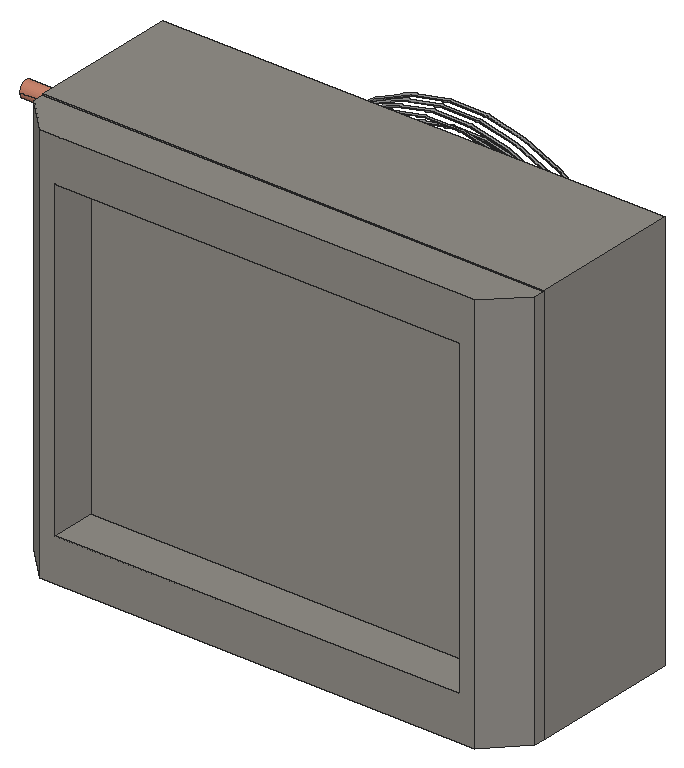
Revit family "ONYX servitude droite", category Modèles génériques, Revit 2019
Family settings
  Peut héberger une armature = Non
  Cote de connecteur circulaire = Utiliser le diamètre
  Type d'élément = Normal
  Numéro OmniClass = 23.75.70.17.34
  Titre OmniClass = Unit Heaters
  Basée sur le plan de construction = Non
  Toujours verticalement = Oui
  Couper avec des vides une fois chargée = Non
  Partagée = Non
  Point de calcul de pièce = Non
Parameters (values of type "NY6_B tri")
  Ø = 34 mm
  console = 106 mm
  Ventilateur = Ventilateur : diam710
  Servitude gauche = no
  Servitude droite = yes
  Puissance = 900 VA
  Option Froid = Option froid : NY608
  Option Eau Glacée [instance] = no
  Option Console pivotante [instance] = no
  Modèle = "ONYX 6B tri"
  Grille = Grille : 606
  Tension = 380 V
  Fabricant = "AIRCALO"  # constant formula
  Equerre inv = Equerre inv : NY612
  Equerre coté = 101.5 mm
  Equerre arriere = 293 mm
  Option Equerre Suspendu [instance] = no
  Option Equerre Posé [instance] = no
  Equerre = Equerre : NY612
  Console pivotante = Console pivotante : NY607
  Base = ONYX base 1.1 : NY6B
Types (19, lengths in mm): name | console | Ventilateur | Puissance | Option Froid | Modèle | Grille | Tension | Equerre inv | Equerre coté | Equerre arriere | Equerre | Console pivotante | Base
  (no name) | 106 | Ventilateur : diam710 | 900 VA | Option froid : NY608 | "ONYX 6B tri" | Grille : 606 | 380 V | Equerre inv : NY612 | 101.5 | 293 | Equerre : NY612 | Console pivotante : NY607 | ONYX base 1.1 : NY6B
  NY2_A mono | 86 | Ventilateur : diam350 | 129 VA | Option froid : NY208 | "ONYX 2A mono" | Grille : 206 | 220 V | Equerre inv : NY212 | 86.5 | 263 | Equerre : NY212 | Console pivotante : NY207 | ONYX base 1.1 : NY2A
  NY3_A mono | 87 | Ventilateur : diam400 | 250 VA | Option froid : NY308 | "ONYX 3A mono" | Grille : 306 | 220 V | Equerre inv : NY212 | 91.5 | 263 | Equerre : NY212 | Console pivotante : NY307 | ONYX base 1.1 : NY3A
  NY4_A mono | 96 | Ventilateur : diam450 | 250 VA | Option froid : NY408 | "ONYX 4A mono" | Grille : 406 | 220 V | Equerre inv : NY212 | 91.5 | 263 | Equerre : NY212 | Console pivotante : NY407 | ONYX base 1.1 : NY4A
  NY5_A mono | 96 | Ventilateur : diam550 | 250 VA | Option froid : NY508 | "ONYX 5A mono" | Grille : 506 | 220 V | Equerre inv : NY612 | 101.5 | 293 | Equerre : NY612 | Console pivotante : NY507 | ONYX base 1.1 : NY5A
  NY6_A mono | 106 | Ventilateur : diam630 | 400 VA | Option froid : NY608 | "ONYX 6A mono" | Grille : 606 | 220 V | Equerre inv : NY612 | 101.5 | 293 | Equerre : NY612 | Console pivotante : NY607 | ONYX base 1.1 : NY6A
  NY2_B mono | 86 | Ventilateur : diam400 | 205 VA | Option froid : NY208 | "ONYX 2B mono" | Grille : 206 | 220 V | Equerre inv : NY212 | 86.5 | 263 | Equerre : NY212 | Console pivotante : NY207 | ONYX base 1.1 : NY2B
  NY3_B mono | 87 | Ventilateur : diam450 | 250 VA | Option froid : NY308 | "ONYX 3B mono" | Grille : 306 | 220 V | Equerre inv : NY212 | 91.5 | 263 | Equerre : NY212 | Console pivotante : NY307 | ONYX base 1.1 : NY3B
  NY4_B mono | 96 | Ventilateur : diam550 | 250 VA | Option froid : NY408 | "ONYX 4B mono" | Grille : 406 | 220 V | Equerre inv : NY212 | 91.5 | 263 | Equerre : NY212 | Console pivotante : NY407 | ONYX base 1.1 : NY4B
  NY5_B mono | 96 | Ventilateur : diam630 | 400 VA | Option froid : NY508 | "ONYX 5B mono" | Grille : 506 | 220 V | Equerre inv : NY612 | 101.5 | 293 | Equerre : NY612 | Console pivotante : NY507 | ONYX base 1.1 : NY5B
  NY6_B tri | 106 | Ventilateur : diam710 | 900 VA | Option froid : NY608 | "ONYX 6B tri" | Grille : 606 | 380 V | Equerre inv : NY612 | 101.5 | 293 | Equerre : NY612 | Console pivotante : NY607 | ONYX base 1.1 : NY6B
  NY2_B tri | 86 | Ventilateur : diam400 | 205 VA | Option froid : NY208 | "ONYX 2B tri" | Grille : 206 | 380 V | Equerre inv : NY212 | 86.5 | 263 | Equerre : NY212 | Console pivotante : NY207 | ONYX base 1.1 : NY2B
  NY3_A tri | 87 | Ventilateur : diam400 | 250 VA | Option froid : NY308 | "ONYX 3A tri" | Grille : 306 | 380 V | Equerre inv : NY212 | 91.5 | 263 | Equerre : NY212 | Console pivotante : NY307 | ONYX base 1.1 : NY3A
  NY3_B tri | 87 | Ventilateur : diam450 | 250 VA | Option froid : NY308 | "ONYX 3B tri" | Grille : 306 | 380 V | Equerre inv : NY212 | 91.5 | 263 | Equerre : NY212 | Console pivotante : NY307 | ONYX base 1.1 : NY3B
  NY4_A tri | 96 | Ventilateur : diam450 | 250 VA | Option froid : NY408 | "ONYX 4A tri" | Grille : 406 | 380 V | Equerre inv : NY212 | 91.5 | 263 | Equerre : NY212 | Console pivotante : NY407 | ONYX base 1.1 : NY4A
  NY4_B tri | 96 | Ventilateur : diam550 | 230 VA | Option froid : NY408 | "ONYX 4B tri" | Grille : 406 | 380 V | Equerre inv : NY212 | 91.5 | 263 | Equerre : NY212 | Console pivotante : NY407 | ONYX base 1.1 : NY4B
  NY5_A tri | 96 | Ventilateur : diam550 | 230 VA | Option froid : NY508 | "ONYX 5A tri" | Grille : 506 | 380 V | Equerre inv : NY612 | 101.5 | 293 | Equerre : NY612 | Console pivotante : NY507 | ONYX base 1.1 : NY5A
  NY5_B tri | 96 | Ventilateur : diam630 | 435 VA | Option froid : NY508 | "ONYX 5B tri" | Grille : 506 | 380 V | Equerre inv : NY612 | 101.5 | 293 | Equerre : NY612 | Console pivotante : NY507 | ONYX base 1.1 : NY5B
  NY6_A tri | 106 | Ventilateur : diam630 | 435 VA | Option froid : NY608 | "ONYX 6A tri" | Grille : 606 | 380 V | Equerre inv : NY612 | 101.5 | 293 | Equerre : NY612 | Console pivotante : NY607 | ONYX base 1.1 : NY6A
Reference planes
  plane 1 "Centre (avant/arrière)": y = 0
  plane 2: z = 0
  plane 3 "Centre (gauche/droite)": x = 0
Dimensions and locks
  "console": nested 4 to nested 1
  "Equerre coté": nested 1 to nested 9
  "Equerre coté": nested 1 to nested 6
  "Equerre coté": nested 8 to nested 1
  "Equerre coté": nested 7 to nested 1
  "Equerre arriere": nested 7 to nested 1
  "Equerre arriere": nested 8 to nested 1
  "Equerre arriere": nested 9 to nested 1
  "Equerre arriere": nested 6 to nested 1
  aligned and locked: level to plane 2
  aligned and locked: plane 1 "Centre (avant/arrière)" to nested 1
  aligned and locked: nested 1 to plane 3 "Centre (gauche/droite)"
  aligned and locked: plane 3 "Centre (gauche/droite)" to nested 2
  aligned and locked: nested 2 to nested 1
  aligned and locked: plane 1 "Centre (avant/arrière)" to nested 2
  aligned and locked: plane 3 "Centre (gauche/droite)" to nested 3
  aligned and locked: nested 3 to nested 1
  aligned and locked: nested 4 to plane 3 "Centre (gauche/droite)"
  aligned and locked: plane 2 to nested 1
  aligned and locked: level to nested 4
  aligned and locked: plane 3 "Centre (gauche/droite)" to nested 5
  aligned and locked: nested 5 to nested 2
  aligned and locked: nested 5 to nested 1
  aligned and locked: nested 9 to nested 1
  aligned and locked: nested 8 to nested 1
  aligned and locked: nested 6 to nested 1
  aligned and locked: nested 7 to nested 1
Nested families
  nested 1: "ONYX base 1.1" at (-535, 0, -428.5), type <- "Base", Servitude Gauche <- "Servitude gauche", Servitude Droite <- "Servitude droite", Øcollecteur <- "Ø", type "NY6B"
    with Servitude Gauche no, Servitude Droite yes
  nested 2: "Grille" at (0, 0, -0.5), type <- "Grille", type "606"
  nested 3: "Ventilateur" at (0, 332, 0) x (0, 1, 0) z (0, 0, 1), type <- "Ventilateur", type "diam710"
  nested 4: "Console pivotante" at (0, 216, -474.25) x (-1, 0, 0) z (0, 0, 1), type <- "Console pivotante", visible <- "Option Console pivotante", type "NY607"
  nested 5: "Option froid" at (0, 80, -428.5), type <- "Option Froid", visible <- "Option Eau Glacée", type "NY608"
  nested 6: "Equerre" at (-406, 29, 428.5), type <- "Equerre", visible <- "Option Equerre Suspendu", type "NY612"
  nested 7: "Equerre" at (406, 29, 428.5), type <- "Equerre", visible <- "Option Equerre Suspendu", type "NY612"
  nested 8: "Equerre inv" at (406, 29, -428.5), type <- "Equerre inv", visible <- "Option Equerre Posé", type "NY612"
  nested 9: "Equerre inv" at (-406, 29, -428.5), type <- "Equerre inv", visible <- "Option Equerre Posé", type "NY612"
Connectors
  electrical at (0, 322, 0), driven by "Tension", driven by "Puissance"
    settings: on nested 3, index 1, voltage 380 V, apparent load 900 VA, apparent load phase1 0 VA, apparent load phase2 0 VA, apparent load phase3 0 VA, power factor 1, load classification "Moteur", number of poles 1, system type 30, power factor state 1, is connector primary yes, connector utility no, sub classification motor no, connector description "Fan Supply"
  piping at (-615, 57, 386.5), diameter 34, driven by "Ø"
    settings: on nested 1, index 2, connector inside diameter 609.6 mm, connector length 0 mm, flow factor 0, pipe flow 0.0 L/s, pressure drop 0.0 Pa, fitting loss kfactor 0, connector angle 0.00°, fixture units 0, engagement length 0 mm, angle of deflection 0.00°, flow configuration 0, flow direction 1, fitting loss method 0, system type 7, joint type 0, gender type 0, connector reference index -1, connector utility 0, adjustable connector no, is connector primary yes, connector description "Water input"
  piping at (-615, 97, -386.5), diameter 34, driven by "Ø"
    settings: on nested 1, index 3, connector inside diameter 609.6 mm, connector length 0 mm, flow factor 0, pipe flow 0.0 L/s, pressure drop 0.0 Pa, fitting loss kfactor 0, connector angle 0.00°, fixture units 0, engagement length 0 mm, angle of deflection 0.00°, flow configuration 0, flow direction 2, fitting loss method 0, system type 8, joint type 0, gender type 0, connector reference index -1, connector utility 0, adjustable connector no, is connector primary no, connector description "Water output"
Definition of nested family "ONYX base 1.1"
  Parameters (values of type "NY3B")
    Øcollecteur [instance] = 34 mm
    distcollecteur = Largeur ONYX / 2 + 80 mm  # 440 mm
    diam = 465 mm
    collecteur2 = 97 mm
    collecteur1 = 57 mm
    collecteur hauteur = 42 mm
    Servitude Gauche [instance] = no
    Servitude Droite [instance] = yes
    Profondeur ONYX = 266 mm
    Largeur/2 = Largeur ONYX / 2  # 360 mm
    Largeur ONYX = 720 mm
    Hauteur/2 = Hauteur ONYX / 2  # 284.5 mm
    Hauteur ONYX = 569 mm
  Types (10, lengths in mm): name | distcollecteur | diam | Profondeur ONYX | Largeur/2 | Largeur ONYX | Hauteur/2 | Hauteur ONYX
    NY2A | 387.5 | 365 | 266 | 307.5 | 615 | 244 | 488
    NY3A | 440 | 415 | 266 | 360 | 720 | 284.5 | 569
    NY4A | 482.5 | 465 | 287 | 402.5 | 805 | 326 | 652
    NY5A | 537.5 | 565 | 296 | 457.5 | 915 | 366.5 | 733
    NY6A | 615 | 645 | 322 | 535 | 1070 | 428.5 | 857
    NY2B | 387.5 | 415 | 266 | 307.5 | 615 | 244 | 488
    NY3B | 440 | 465 | 266 | 360 | 720 | 284.5 | 569
    NY4B | 482.5 | 565 | 287 | 402.5 | 805 | 326 | 652
    NY5B | 537.5 | 645 | 296 | 457.5 | 915 | 366.5 | 733
    NY6B | 615 | 725 | 322 | 535 | 1070 | 428.5 | 857
  Reference planes
    plane 1 "Centre (avant/arrière)": y = 0
    plane 2: z = 0
    plane 3 "Centre (gauche/droite)": x = 0
    plane 4: x = 360
    plane 5: z = 284.5
  Forms (mm)
    Extrusion 1, solid
      sketch origin (0, 0, 0) x (1, 0, 0) y (0, 1, 0)
        loop
          line (0, 0) -> (720, 0) -> (720, 266) -> (0, 266) -> (0, 0)
      from 0 to 569
    Extrusion 2, void
      sketch origin (0, 0, 0) x (1, 0, 0) y (0, 0, 1)
        loop
          circle (360, 284.5) r 232.5
      from -266 to -216
    Extrusion 3, solid, visible <- "Servitude Gauche"
      sketch origin (0, 0, 0) x (0, 1, 0) y (0, 0, 1)
        loop
          circle (57, 42) r 17
        loop
          circle (97, 527) r 17
      from 800 to 720
    Extrusion 4, solid, visible <- "Servitude Droite"
      sketch origin (0, 0, 0) x (0, 1, 0) y (0, 0, 1)
        loop
          circle (57, 527) r 17
        loop
          circle (97, 42) r 17
      from 0 to -80
  Cuts and joins
    Extrusion 2 cuts Extrusion 1
  Dimensions and locks
    "Largeur ONYX": Extrusion 1 sketch curve to Extrusion 1 sketch curve
    "Profondeur ONYX": Extrusion 1 sketch curve to Extrusion 1 sketch curve
    "Hauteur ONYX": Extrusion 1 to Extrusion 1
    "Largeur/2": plane 3 "Centre (gauche/droite)" to plane 4
    "Hauteur/2": plane 5 to level
    locked: cut or joined group of Extrusion 1, Extrusion 2 to cut or joined group of Extrusion 1, Extrusion 2 at 50
    "collecteur1": cut or joined group of Extrusion 1, Extrusion 2 to Extrusion 3 sketch curve
    "collecteur2": cut or joined group of Extrusion 1, Extrusion 2 to Extrusion 3 sketch curve
    "collecteur hauteur": cut or joined group of Extrusion 1, Extrusion 2 to Extrusion 3 sketch curve  (x2)
    "distcollecteur": plane 4 to Extrusion 3
    "collecteur1": plane 1 "Centre (avant/arrière)" to Extrusion 4 sketch curve
    "collecteur2": plane 1 "Centre (avant/arrière)" to Extrusion 4 sketch curve
    "distcollecteur": Extrusion 4 to plane 4
    "collecteur hauteur": Extrusion 4 sketch curve to level
    "collecteur hauteur": cut or joined group of Extrusion 1, Extrusion 2 to Extrusion 4 sketch curve
    "diam": diameter of Extrusion 2 sketch curve
    "Øcollecteur": diameter of Extrusion 3 sketch curve  (x2)
    "Øcollecteur": diameter of Extrusion 4 sketch curve  (x2)
    aligned and locked: level to plane 2
    aligned and locked: plane 1 "Centre (avant/arrière)" to Extrusion 1 sketch curve
    aligned and locked: Extrusion 1 sketch curve to plane 3 "Centre (gauche/droite)"
    aligned and locked: Extrusion 1 to level
    aligned and locked: plane 4 to Extrusion 2 sketch curve
    aligned and locked: plane 5 to Extrusion 2 sketch curve
    aligned and locked: Extrusion 1 to Extrusion 2
    aligned and locked: Extrusion 3 to cut or joined group of Extrusion 1, Extrusion 2
    aligned and locked: plane 3 "Centre (gauche/droite)" to Extrusion 4
Definition of nested family "Grille"
  Parameters (values of type "606")
    ouverture haut bas = 92 mm
    ouverture coté = 103 mm
    longueur angle = 71 mm  # constant formula
    Largeur = 1070 mm
    Hauteur/2 = Hauteur / 2  # 428 mm
    Hauteur = 856 mm
    Epaisseur = 95 mm  # constant formula
  Types (5, lengths in mm): name | ouverture haut bas | ouverture coté | Largeur | Hauteur/2 | Hauteur
    206 | 59 | 107 | 615 | 243.5 | 487
    306 | 69 | 109 | 720 | 284 | 568
    406 | 80 | 107 | 805 | 325.5 | 651
    506 | 91 | 107 | 915 | 366 | 732
    606 | 92 | 103 | 1070 | 428 | 856
  Reference planes
    plane 1 "Centre (avant/arrière)": y = 0
    plane 2: z = 0
    plane 3 "Centre (gauche/droite)": x = 0
  Forms (mm)
    Extrusion 1, solid
      sketch origin (0, 0, 0) x (1, 0, 0) y (0, 1, 0)
        loop
          line (-535, 0) -> (-535, -95) -> (535, -95) -> (535, 0) -> (-535, 0)
      from -428 to 428
    Extrusion 2, void
      sketch origin (0, 0, 0) x (1, 0, 0) y (0, 1, 0)
        loop
          line (-535, -95) -> (-464, -95) -> (-535, -24) -> (-535, -95)
        loop
          line (464, -95) -> (535, -95) -> (535, -24) -> (464, -95)
      from -428 to 428
    Extrusion 3, void
      sketch origin (0, 0, 0) x (1, 0, 0) y (0, 0, 1)
        loop
          line (-432, 336) -> (-432, -336) -> (432, -336) -> (432, 336) -> (-432, 336)
      from 0 to 250
  Cuts and joins
    Extrusion 2, Extrusion 3 cuts Extrusion 1
  Dimensions and locks
    "Epaisseur": Extrusion 1 sketch curve to Extrusion 1 sketch curve
    "Largeur": Extrusion 1 sketch curve to Extrusion 1 sketch curve
    equal spacing: Extrusion 1 sketch curve, plane 3 "Centre (gauche/droite)", Extrusion 1 sketch curve
    "longueur angle": Extrusion 1 to Extrusion 2 sketch curve  (x3)
    "longueur angle": Extrusion 2 sketch curve to Extrusion 1
    "ouverture coté": cut or joined group of Extrusion 1, Extrusion 2, Extrusion 3 to Extrusion 3 sketch curve  (x2)
    "ouverture haut bas": cut or joined group of Extrusion 1, Extrusion 2, Extrusion 3 to Extrusion 3 sketch curve
    "ouverture haut bas": Extrusion 3 sketch curve to cut or joined group of Extrusion 1, Extrusion 2, Extrusion 3
    "Hauteur/2": level to cut or joined group of Extrusion 1, Extrusion 2, Extrusion 3
    "Hauteur/2": cut or joined group of Extrusion 1, Extrusion 2, Extrusion 3 to level
    locked: Extrusion 1 to Extrusion 2 sketch curve (angle 45.00°)
    locked: Extrusion 2 sketch curve to Extrusion 1 (angle 45.00°)
    aligned and locked: level to plane 2
    aligned and locked: Extrusion 2 sketch curve to Extrusion 1  (x3)
    aligned and locked: Extrusion 1 to Extrusion 2 sketch curve
    aligned and locked: Extrusion 2 to Extrusion 1  (x2)
  Automatic sketch dimensions
    plane 1 "Centre (avant/arrière)" to Extrusion 1 sketch curve = 0 mm
Definition of nested family "Ventilateur"
  Parameters (values of type "diam550")
    socle = 126 mm / 2  # 63 mm
    diam16 = demi diamètre / 8  # 36.375 mm
    demi diamètre = 291 mm
    Epaisseur = 99 mm
    Epais6 = Epaisseur / 6  # 16.5 mm
  Types (7, lengths in mm): name | diam16 | demi diamètre | Epaisseur | Epais6
    (no name) | 36.375 | 291 | 99 | 16.5
    diam350 | 23.5 | 188 | 80 | 13.333
    diam400 | 26.625 | 213 | 89 | 14.833
    diam450 | 29.75 | 238 | 89 | 14.833
    diam550 | 36.375 | 291 | 99 | 16.5
    diam630 | 41 | 328 | 99 | 16.5
    diam710 | 48.5 | 388 | 134 | 22.333
  Reference planes
    plane 1 "Centre (avant/arrière)": y = 0
    plane 2: z = 0
    plane 3 "Centre (gauche/droite)": x = 0
    plane 4: y = 291
    plane 5: x = 99
  Forms (mm)
    Revolve 1, solid
      sketch origin (0, 0, 0) x (1, 0, 0) y (0, 1, 0)
        loop
          circle (66, 291) r 2.5
        loop
          circle (33, 291) r 2.5
        loop
          circle (99, 218.25) r 2.5
        loop
          circle (99, 145.5) r 2.5
        loop
          circle (99, 72.75) r 2.5
        loop
          circle (99, 291) r 2.5
        loop
          circle (0, 291) r 2.5
        loop
          circle (16.5, 291) r 2.5
        loop
          circle (49.5, 291) r 2.5
        loop
          circle (82.5, 291) r 2.5
        loop
          circle (99, 254.625) r 2.5
        loop
          circle (99, 181.875) r 2.5
        loop
          circle (99, 109.125) r 2.5
        loop
          circle (99, 36.375) r 2.5
        axis (101.5, 0) -> (-2.5, 0)
      angle from 0 to 360
    Revolve 2, solid
      sketch origin (0, 0, 0) x (1, 0, 0) y (0, 1, 0)
        loop
          line (99, 0) -> (141, 0) -> (141, 63) -> (99, 63) -> (99, 0)
        axis (141, 0) -> (99, 0)
      angle from 0 to 360
    Revolve 3, solid
      sketch origin (0, 0, 0) x (1, 0, 0) y (0, 1, 0)
        loop
          line (0, 0) -> (0, 25) -> (-10, 25) -> (-10, 0) -> (0, 0)
        axis (0, 0) -> (-10, 0)
      angle from 0 to 360
  Dimensions and locks
    "demi diamètre": plane 1 "Centre (avant/arrière)" to plane 4
    "Epaisseur": plane 3 "Centre (gauche/droite)" to plane 5
    "diam16": Revolve 1 sketch curve to Revolve 1 sketch curve  (x7)
    "Epais6": Revolve 1 sketch curve to Revolve 1 sketch curve  (x5)
    "Epaisseur": plane 3 "Centre (gauche/droite)" to Revolve 2 sketch curve
    locked: Revolve 2 sketch curve to Revolve 2 sketch curve at 42
    "socle": Revolve 2 sketch curve to Revolve 2 sketch curve
    locked: Revolve 3 sketch curve to Revolve 3 sketch curve at 10
    locked: Revolve 3 sketch curve to Revolve 3 sketch curve at 25
    diameter of Revolve 1 sketch curve = 5 mm  (x14)
    aligned and locked: level to plane 2
    aligned and locked: plane 4 to Revolve 1 sketch curve  (x7)
    aligned and locked: plane 5 to Revolve 1 sketch curve  (x7)
    aligned and locked: plane 3 "Centre (gauche/droite)" to Revolve 1 sketch curve
    aligned and locked: plane 1 "Centre (avant/arrière)" to Revolve 2 sketch curve
    aligned and locked: Revolve 3 sketch curve to plane 3 "Centre (gauche/droite)"
    aligned and locked: Revolve 3 sketch curve to plane 1 "Centre (avant/arrière)"
  Automatic sketch dimensions
    Revolve 1 sketch curve to plane 1 "Centre (avant/arrière)" = 0 mm
    Revolve 1 sketch curve to plane 5 = 0 mm
    Revolve 1 sketch curve to plane 3 "Centre (gauche/droite)" = 2000 mm
    Revolve 1 sketch curve to plane 5 = 1352.109 mm
    Revolve 2 sketch curve to plane 1 "Centre (avant/arrière)" = 0 mm
    Revolve 2 sketch curve to plane 3 "Centre (gauche/droite)" = 2000 mm
    Revolve 2 sketch curve to Revolve 2 sketch curve = 1869 mm
Definition of nested family "Console pivotante"
  Parameters (values of type "NY607")
    Longueur min = 526 mm
    Longueur max = 570 mm
    Largeur/2 = Largeur / 2  # 91 mm
    Largeur = 182 mm
    Hauteur/2 = Entraxe / 2 + Ep  # 474.25 mm
    Ep = 44 mm
    Entraxe = 860.5 mm
    Bout = 280 mm
  Types (5, lengths in mm): name | Longueur min | Longueur max | Hauteur/2 | Ep | Entraxe | Bout
    NY207 | 287 | 321 | 280 | 34 | 492 | 180
    NY307 | 352 | 386 | 320.25 | 34 | 572.5 | 204
    NY407 | 399 | 443 | 371.75 | 44 | 655.5 | 230
    NY507 | 464 | 508.5 | 412.25 | 44 | 736.5 | 255
    NY607 | 526 | 570 | 474.25 | 44 | 860.5 | 280
  Reference planes
    plane 1 "Centre (avant/arrière)": y = 0
    plane 2: z = 0
    plane 3 "Centre (gauche/droite)": x = 0
    plane 4: z = 474.25
  Forms (mm)
    Extrusion 1, solid
      sketch origin (0, 0, 0) x (0, 1, 0) y (0, 0, 1)
        loop
          line (0, 0) -> (0, 44) -> (-280, 44) -> (-526, 290) -> (-526, 658.5) -> (-280, 904.5) -> (0, 904.5) -> (0, 948.5) -> (-298.225, 948.5) -> (-570, 676.725) -> (-570, 271.775) -> (-298.225, 0) -> (0, 0)
      from -91 to 91
  Dimensions and locks
    "Ep": Extrusion 1 sketch curve to Extrusion 1 sketch curve  (x3)
    "Ep": Extrusion 1 sketch curve to level
    "Entraxe": Extrusion 1 sketch curve to Extrusion 1 sketch curve
    "Longueur min": Extrusion 1 sketch curve to plane 1 "Centre (avant/arrière)"
    "Longueur max": Extrusion 1 sketch curve to plane 1 "Centre (avant/arrière)"
    "Bout": Extrusion 1 sketch curve to plane 1 "Centre (avant/arrière)"  (x2)
    "Largeur/2": plane 3 "Centre (gauche/droite)" to Extrusion 1
    "Largeur/2": Extrusion 1 to plane 3 "Centre (gauche/droite)"
    "Hauteur/2": plane 4 to level
    locked: Extrusion 1 sketch curve to Extrusion 1 sketch curve (angle 135.00°)  (x8)
    aligned and locked: level to plane 2
    aligned and locked: level to Extrusion 1 sketch curve
  Automatic sketch dimensions
    Extrusion 1 sketch curve to plane 1 "Centre (avant/arrière)" = 0 mm  (x2)
Definition of nested family "Option froid"
  Parameters (values of type "NY508")
    Longueur = 707 mm
    Largeur = 947 mm
    Ep = 2 mm
    Cote arriere = 195 mm
  Types (5, lengths in mm): name | Longueur | Largeur | Cote arriere
    NY208 | 659 | 647 | 162
    NY308 | 657 | 752 | 162
    NY408 | 679 | 837 | 182
    NY508 | 707 | 947 | 195
    NY608 | 714 | 1102 | 202
  Reference planes
    plane 1 "Centre (avant/arrière)": y = 0
    plane 2: z = 0
    plane 3 "Centre (gauche/droite)": x = 0
  Forms (mm)
    Extrusion 1, solid
      sketch origin (0, 0, 0) x (1, 0, 0) y (0, 1, 0)
        loop
          line (-473.5, 80) -> (-473.5, -80) -> (473.5, -80) -> (473.5, 80) -> (-473.5, 80)
      from -51 to 0
    Extrusion 2, solid
      sketch origin (0, 100, 0) x (0, 1, 0) y (0, 0, 1)
        loop
          line (-532, -72) -> (-532, -94) -> (175, -143.438) -> (175, -73.438) -> (173, -73.438) -> (173, -141.294) -> (-530, -92.135) -> (-530, -72) -> (-532, -72)
      from -473.5 to 473.5
    Extrusion 3, solid
      sketch origin (0, 0, 0) x (0, 1, 0) y (0, 0, 1)
        loop
          line (-430, -72) -> (-430, -92.135) -> (273, -141.294) -> (273, -73.438) -> (80, -73.438) -> (80, -51) -> (-80, -51) -> (-80, -72) -> (-430, -72)
      from 471.5 to 473.5
    Extrusion 4, solid
      sketch origin (0, 0, 0) x (0, 1, 0) y (0, 0, 1)
        loop
          line (-430, -72) -> (-430, -92.135) -> (273, -141.294) -> (273, -73.438) -> (80, -73.438) -> (80, -51) -> (-80, -51) -> (-80, -72) -> (-430, -72)
      from -473.5 to -471.5
  Dimensions and locks
    equal spacing: Extrusion 1 sketch curve, plane 3 "Centre (gauche/droite)", Extrusion 1 sketch curve
    "Largeur": Extrusion 1 sketch curve to Extrusion 1 sketch curve
    locked: Extrusion 1 sketch curve to Extrusion 1 sketch curve at 160
    equal spacing: Extrusion 1 sketch curve, plane 1 "Centre (avant/arrière)", Extrusion 1 sketch curve
    locked: level to Extrusion 1 at 51
    "Ep": Extrusion 2 sketch curve to Extrusion 2 sketch curve  (x3)
    locked: Extrusion 2 sketch curve to Extrusion 2 sketch curve at 22
    locked: Extrusion 2 sketch curve to Extrusion 2 sketch curve at 70
    "Longueur": Extrusion 2 sketch curve to Extrusion 2 sketch curve
    Extrusion 2 to level = 73.438 mm
    "Cote arriere": Extrusion 1 to Extrusion 2 sketch curve
    locked: level to Extrusion 2 sketch curve at 72
    "Ep": Extrusion 3 to Extrusion 3
    "Ep": Extrusion 2 to Extrusion 4
    locked: Extrusion 2 sketch curve to Extrusion 2 sketch curve (angle 94.00°)  (x2)
    locked: Extrusion 2 sketch curve to Extrusion 2 sketch curve (angle 86.00°)  (x2)
    aligned and locked: level to plane 2
    aligned and locked: level to Extrusion 1
    aligned and locked: Extrusion 2 to Extrusion 1
    aligned and locked: Extrusion 3 sketch curve to Extrusion 2  (x4)
    aligned and locked: Extrusion 2 to Extrusion 3 sketch curve
    aligned and locked: Extrusion 3 sketch curve to Extrusion 1  (x2)
    aligned and locked: Extrusion 1 to Extrusion 3 sketch curve
    aligned and locked: Extrusion 3 to Extrusion 1
    aligned and locked: Extrusion 4 to Extrusion 2
    aligned and locked: Extrusion 1 to Extrusion 2
    aligned and locked: Extrusion 4 sketch curve to Extrusion 3  (x8)
Definition of nested family "Equerre"
  Parameters (values of type "NY612")
    hauteur = 403 mm
    Longueur = 723 mm
    Largeur/2 = Largeur / 2  # 27.5 mm
    Largeur = 55 mm
  Types (2, lengths in mm): name | hauteur | Longueur
    NY212 | 353 | 589
    NY612 | 403 | 723
  Reference planes
    plane 1 "Centre (avant/arrière)": y = 0
    plane 2: z = 0
    plane 3 "Centre (gauche/droite)": x = 0
  Forms (mm)
    Extrusion 1, solid
      sketch origin (0, 0, 0) x (0, 1, 0) y (0, 0, 1)
        loop
          line (0, 22) -> (0, 0) -> (723, 0) -> (723, 403) -> (690, 403) -> (0, 22)
      from -27.5 to 27.5
  Dimensions and locks
    locked: Extrusion 1 sketch curve to level at 22
    locked: Extrusion 1 sketch curve to Extrusion 1 sketch curve at 33
    "Longueur": plane 1 "Centre (avant/arrière)" to Extrusion 1 sketch curve
    "hauteur": Extrusion 1 sketch curve to level
    "Largeur/2": plane 3 "Centre (gauche/droite)" to Extrusion 1
    "Largeur/2": Extrusion 1 to plane 3 "Centre (gauche/droite)"
    aligned and locked: level to plane 2
    aligned and locked: plane 1 "Centre (avant/arrière)" to Extrusion 1 sketch curve
    aligned and locked: Extrusion 1 sketch curve to level
Definition of nested family "Equerre inv"
  Parameters (values of type "NY612")
    hauteur = 403 mm
    Longueur = 723 mm
    Largeur/2 = Largeur / 2  # 27.5 mm
    Largeur = 55 mm
  Types (2, lengths in mm): name | hauteur | Longueur
    NY212 | 353 | 589
    NY612 | 403 | 723
  Reference planes
    plane 1 "Centre (avant/arrière)": y = 0
    plane 2: z = 0
    plane 3 "Centre (gauche/droite)": x = 0
  Forms (mm)
    Extrusion 1, solid
      sketch origin (0, 0, 0) x (0, 1, 0) y (0, 0, 1)
        loop
          line (0, -22) -> (690, -403) -> (723, -403) -> (723, 0) -> (0, 0) -> (0, -22)
      from -27.5 to 27.5
  Dimensions and locks
    "Largeur/2": plane 3 "Centre (gauche/droite)" to Extrusion 1
    "Largeur/2": Extrusion 1 to plane 3 "Centre (gauche/droite)"
    locked: level to Extrusion 1 sketch curve at 22
    locked: Extrusion 1 sketch curve to Extrusion 1 sketch curve at 33
    "Longueur": plane 1 "Centre (avant/arrière)" to Extrusion 1 sketch curve
    "hauteur": level to Extrusion 1 sketch curve
    aligned and locked: level to plane 2
    aligned and locked: plane 1 "Centre (avant/arrière)" to Extrusion 1 sketch curve
    aligned and locked: Extrusion 1 sketch curve to level
